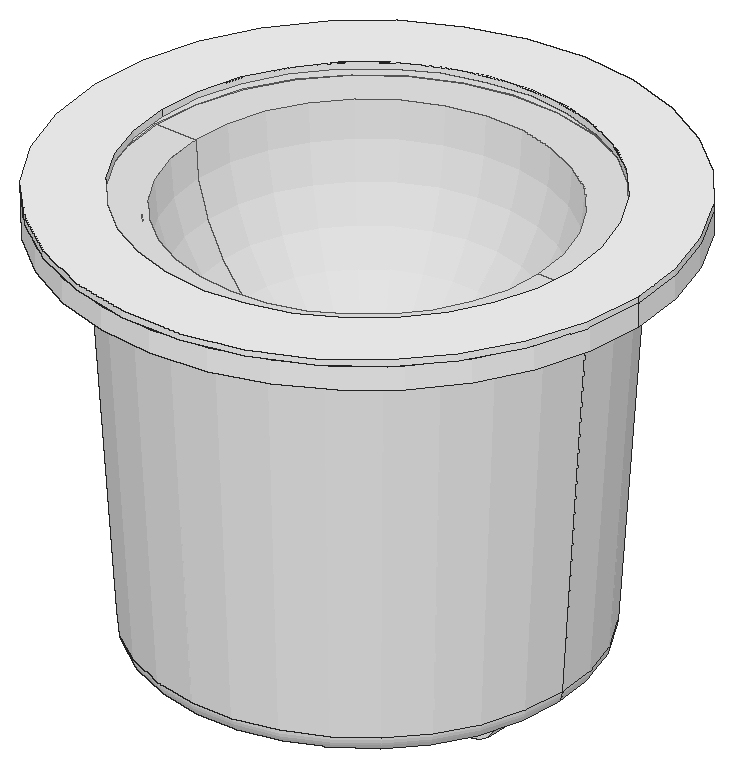
Revit family "2058955", category Lighting Fixtures, host Face, Revit 2018
Family settings
  Host = Face
  Round Connector Dimension = Use Diameter
  Part Type = Normal
  OmniClass Number = 23.80.70.11.17
  OmniClass Title = Specialized Lighting by Location or Use
  Cut with Voids When Loaded = No
  Light Source = Yes
  Shared = No
  Room Calculation Point = No
Parameters (values of type "2058955 MYRIAD DECO IP65 SP 2.7K DALI EM BK CBEZ")
  Weight = "n/a"
  Wattage = 15 W
  WarrantyStartDate [instance] = "n/a"
  WarrantyGuarantorParts = "n/a"
  WarrantyDurationUnit = "n/a"
  WarrantyDurationParts = ""
  WarrantyDescription = "http://www.sylvania-lighting.com"
  built-in parameter 1150110 = 1 (stored number, unit not read)
  Voltage = 230 V
  URL = "0"
  TypeName = "MYRIAD DECO IP65 SPOT 2700K DALI EM BLACK CBEZ"
  Type Image = 0
  Type Comments = ""
  built-in parameter 1114217 = 1 (stored number, unit not read)
  Tilt Angle = -90°
  built-in parameter 1150109 = 1 (stored number, unit not read)
  built-in parameter 1150134 = (empty or 0)
  built-in parameter 1150113 = 1 (stored number, unit not read)
  SerialNumber [instance] = "n/a"
  Reflector Radius = Cutout Diameter / 2 - 2.5 mm  # 35.0 mm
  Reflector Material = Aluminum_Sylvania_Myriad_Bright
  Recessed Depth = Height  # 72.0 mm
  PowerFactor = 0
  PowerConsumption = "Lighting"
  Photometric Web File = "2058955.ies"
  NominalWidth = 0.0 mm
  NominalLength = 76.0 mm
  NominalHeight = 72.0 mm
  Name = "MYRIAD DECO IP65 SPOT 2700K DALI EM BLACK CBEZ"
  ModelReference = "MYRIAD DECO IP65 SPOT 2700K DALI EM BLACK CBEZ"
  ModelNumber = "2058955"
  Material = "Feilo Sylvania"
  ManufacturerName = "103 lm/W"
  LuminousEfficacy = ""
  LuminaireType = "0"
  LightOutputRatio = "LED"
  LampsType = Lamp  # "n/a"
  LampNominalLuminous = "2700 K"
  LampMacAdamStep = "90"
  LampColourTemperature = "LED"
  LampColourRenderingIndex = "16500"
  Keynote = "n/a"
  Keynote_2 = "16500"
  InstallationDate [instance] = "n/a"
  InputVoltage = "0"
  InputNominalFrequency = "2700"
  IngressProtection = "IfcLightFixtureType"
  ImpactProtectionIndex = "IfcLightFixtureType"
  IfcExportType = "IfcLightFixtureType"
  IfcExportAs = "Class II"
  Height = 72.0 mm  # constant formula
  ExpectedLife = 50000
  Emit from Circle Diameter = Accessory Inner Diameter 2  # 68.0 mm
  Emit Shape Visible in Rendering = no
  ElectricShockClassification = "103"
  DurationUnit = "hours"
  DocumentationLiterature = "http://www.sylvania-lighting.com/product/en-int/products/2058955"
  DimmingControlOptions = "n/a"
  Diffuser Material = Glass_Sylvania_Myriad_Clear_4000K
  Diffuser Diameter = Cutout Diameter  # 75.0 mm
  Cutout Diameter = 75.0 mm  # constant formula
  CreatedOn = "03/02/2022"
  CreatedBy = "@sylvania-lighting.com"
  built-in parameter 1001205 = 0
  Cost = 0
  built-in parameter 1114216 [instance] = 1 (stored number, unit not read)
  Model = "MYRIAD DECO IP65 SPOT 2700K DALI EM BLACK CBEZ"
  Manufacturer = "Feilo Sylvania"  # constant formula
  built-in parameter 1150105 = 83.556 (stored number, unit not read)
  Lumens = 1050 lm
  built-in parameter 1150115 = 1 (stored number, unit not read)
  built-in parameter 1150137 = (empty or 0)
  built-in parameter 1150139 = (empty or 0)
  built-in parameter 1150112 = 1 (stored number, unit not read)
  built-in parameter 1150114 = 1 (stored number, unit not read)
  Lamp = "n/a"
  built-in parameter 1150132 = (empty or 0)
  built-in parameter 1150102 = (empty or 0)
  built-in parameter 1150107 = 2700 (stored number, unit not read)
  built-in parameter 1150138 = (empty or 0)
  built-in parameter 1150106 = 0.83556 (stored number, unit not read)
  built-in parameter 1150104 = 6.5032 (stored number, unit not read)
  Dimming Lamp Color Temperature Shift = <None>
  Description = "Supplied complete with electronic control gear Compact Fluorescent low energy downlight Emergency version passes through the cut out Ideal for low level orientation lighting New range of Architectural accessories each providing a different lit dimension New completely flush plaster up accessory ring for clean ceiling lines and smooth finish Order lamp separately"  # constant formula
  Default Elevation = 0.0 mm
  Color Filter = 16777215
  built-in parameter 1140040 [instance] = 1
  Body Radius = Reflector Radius + 1.5 mm  # 36.5 mm
  Body Material = Aluminum_Sylvania_Myriad_Gray
  BarCode [instance] = "n/a"
  built-in parameter 1114218 = 1 (stored number, unit not read)
  built-in parameter 1150133 = 10 (stored number, unit not read)
  AssetType = "Fixed"
  AssetIdentifier [instance] = "n/a"
  Assembly Code = "D5020200"
  Apparent Load = 12 VA
  Accessory Material = Aluminum_Sylvania_Myriad_White
  Accessory Inner Diameter 2 = Accessory Diameter - 22.0 mm  # 68.0 mm
  Accessory Inner Diameter 1 = Accessory Diameter - 2.0 mm  # 88.0 mm
  Accessory Diameter = Cutout Diameter + 15.0 mm  # 90.0 mm
Reference planes
  plane 1 "Center (Front/Back)": y = 0
  plane 2: z = 0
  plane 3 "Center (Left/Right)": x = 0
  plane 4: z = 2
  plane 5 "Fixture Bottom": z = 4.5
  plane 6: z = -28.5
  plane 7: z = -61.5
  plane 8 "Fixture Top": z = -67.5
  plane 9: z = 3.5
Forms (mm)
  Revolve 1, solid, material "Aluminum_Sylvania_Myriad_Bright" <- "Reflector Material", detail levels fine
    sketch origin (0, 0, 0) x (1, 0, 0) y (0, 0, 1)
      loop
        line (0, -27.515) -> (-6, -27.515)
        arc (-6, -27.515) -> (-22.333, -16.632) -> (-28.5, 2) r 30.135
        line (-28.5, 2) -> (-35, 2) -> (-35, 0) -> (-29.184, 0)
        arc (-29.184, 0) -> (-22.423, -18.18) -> (-6, -28.5) r 30.204
        line (-6, -28.5) -> (0, -28.5) -> (0, -27.515)
      axis (0, -28.5) -> (0, 2)
    angle from 0 to 360
  Revolve 2, solid, material "Aluminum_Sylvania_Myriad_Gray" <- "Body Material", detail levels fine
    sketch origin (0, 0, 0) x (1, 0, 0) y (0, 0, 1)
      loop
        line (-44, 2) -> (-44, 0) -> (-36.5, 0) -> (-32.42, -58.708)
        arc (-32.42, -58.708) -> (-31.474, -60.694) -> (-29.428, -61.5) r 3
        line (-29.428, -61.5) -> (0, -61.5) -> (0, -28.5) -> (-6, -28.5)
        arc (-6, -28.5) -> (-22.423, -18.18) -> (-29.184, 0) r 30.204
        line (-29.184, 0) -> (-35, 0) -> (-35, 2) -> (-44, 2)
      axis (0, 2) -> (0, -61.5)
    angle from 0 to 360
  Extrusion 3, solid, material "Aluminum_Sylvania_Myriad_Gray" <- "Body Material", detail levels fine
    sketch origin (0, 0, 0) x (1, 0, 0) y (0, 0, 1)
      loop
        line (-13.5, -67.5) -> (21, -67.5)
        arc (21, -67.5) -> (23.828, -66.328) -> (25, -63.5) r 4
        line (25, -63.5) -> (25, -61.5) -> (-17.5, -61.5) -> (-17.5, -63.5)
        arc (-17.5, -63.5) -> (-16.328, -66.328) -> (-13.5, -67.5) r 4
    from -4.5 to 4.5
  Extrusion 4, solid, material "Aluminum_Sylvania_Myriad_White" <- "Accessory Material", detail levels fine
    sketch origin (0, 0, 0) x (1, 0, 0) y (0, 1, 0)
      loop
        circle (0, 0) r 45
      loop
        circle (0, 0) r 44
    from 0 to 3.5
  Extrusion 5, solid, material "Aluminum_Sylvania_Myriad_White" <- "Accessory Material", detail levels fine
    sketch origin (0, 0, 0) x (1, 0, 0) y (0, 1, 0)
      loop
        circle (0, 0) r 45
      loop
        circle (0, 0) r 34
    from 3.5 to 4.5
  Extrusion 6, solid, material "Aluminum_Sylvania_Myriad_White" <- "Accessory Material", detail levels coarse+medium
    sketch origin (0, 0, 0) x (1, 0, 0) y (0, 1, 0)
      loop
        circle (0, 0) r 45
    from 0 to 4.5
  Revolve 7, solid, detail levels coarse+medium
    sketch origin (0, 0, 0) x (1, 0, 0) y (0, 0, 1)
      loop
        line (36.5, 0) -> (0, 0) -> (0, -61.5) -> (32.226, -61.5) -> (36.5, 0)
      axis (0, 0) -> (0, -61.5)
    angle from 0 to 360
  Extrusion 8, void
    sketch origin (0, 0, 0) x (1, 0, 0) y (0, 1, 0)
      loop
        circle (0, 0) r 37.5
    from -67.5 to 0
  Extrusion 9, solid, material "Glass_Sylvania_Myriad_Clear_4000K" <- "Diffuser Material", detail levels fine
    sketch origin (0, 0, 0) x (1, 0, 0) y (0, 1, 0)
      loop
        circle (0, 0) r 37.5
    from 2 to 3.5
Cuts and joins
  joined: Extrusion 4, Extrusion 5
Lines and regions (mm)
  Masking region 1
    outline origin (0, 0, 0) x (1, 0, 0) y (0, 1, 0)
      loop
        circle (0, 0) r 45
  symbolic lines
    curve 1: arc (-34, 0, 0) -> (0, 34, 0) -> (34, 0, 0) r 34
    curve 2: arc (34, 0, 0) -> (0, -34, 0) -> (-34, 0, 0) r 34
Dimensions and locks
  locked: plane 7 to plane 8 "Fixture Top" at 6
  "Body Radius": Revolve 7 sketch curve to plane 3 "Center (Left/Right)"
  locked: Revolve 7 sketch curve to Revolve 7 sketch curve at 4.274
  plane 5 "Fixture Bottom" to plane 9 to plane 4 to plane 2 to plane 6 = 1.0 mm locked, 1.5 mm locked, 2.0 mm locked, 28.5 mm locked
  "Reflector Radius": Revolve 1 sketch curve to plane 3 "Center (Left/Right)"
  Revolve 1 sketch curve to Revolve 1 sketch curve to Revolve 1 sketch curve to Revolve 1 sketch curve = 6.5 mm locked, 22.5 mm locked, 0.0 mm locked
  "Reflector Radius": plane 3 "Center (Left/Right)" to Revolve 2 sketch curve
  Revolve 2 sketch curve to Revolve 2 sketch curve to Revolve 2 sketch curve = 7.5 mm locked, 1.5 mm locked
  Revolve 2 sketch curve to Revolve 2 sketch curve to Revolve 2 sketch curve = 5.816 mm locked, 23.184 mm locked
  Revolve 2 sketch curve to Revolve 2 sketch curve to Revolve 2 sketch curve = 2.58 mm locked, 2.993 mm locked
  "Accessory Diameter": diameter of Extrusion 4 sketch curve
  "Accessory Inner Diameter 1": diameter of Extrusion 4 sketch curve
  "Accessory Diameter": diameter of Extrusion 5 sketch curve
  "Accessory Diameter": diameter of Extrusion 6 sketch curve
  "Cutout Diameter": diameter of Extrusion 8 sketch curve
  "Accessory Inner Diameter 2": diameter of Extrusion 5 sketch curve
  "Diffuser Diameter": diameter of Extrusion 9 sketch curve
  aligned and locked: plane 2 to host face
  aligned and locked: level to host face
  aligned and locked: plane 1 "Center (Front/Back)" to imposter light
  aligned and locked: plane 3 "Center (Left/Right)" to imposter light
  aligned and locked: Revolve 1 sketch curve to imposter light
  aligned and locked: Extrusion 3 sketch curve to plane 8 "Fixture Top"
  aligned and locked: plane 7 to Extrusion 3 sketch curve
  aligned and locked: Extrusion 4 to plane 2
  aligned and locked: plane 9 to Extrusion 4
  aligned and locked: Extrusion 5 to plane 9
  aligned and locked: plane 5 "Fixture Bottom" to Extrusion 5
  aligned and locked: Extrusion 6 to plane 2
  aligned and locked: plane 5 "Fixture Bottom" to Extrusion 6
  aligned and locked: Extrusion 8 to plane 8 "Fixture Top"
  aligned and locked: plane 2 to Extrusion 8
  aligned and locked: Masking region 1 sketch curve to Extrusion 6  (x2)
  aligned and locked: Extrusion 9 to plane 4
  aligned and locked: plane 9 to Extrusion 9
  aligned and locked: plane 4 to Revolve 2 sketch curve
  aligned and locked: Revolve 2 sketch curve to plane 2
  aligned and locked: curve 1 to cut or joined group of Extrusion 4, Extrusion 5
  aligned and locked: curve 2 to cut or joined group of Extrusion 4, Extrusion 5
  aligned and locked: imposter light to plane 5 "Fixture Bottom"
Automatic sketch dimensions
  host sketch curve to host sketch curve = 1305.563 mm
  host sketch curve to host sketch curve = 1283.632 mm
  Extrusion 3 sketch curve to plane 7 = 2.0 mm
  Extrusion 3 sketch curve to plane 3 "Center (Left/Right)" = 13.5 mm
  plane 3 "Center (Left/Right)" to Extrusion 3 sketch curve = 21.0 mm
  Extrusion 3 sketch curve to Extrusion 3 sketch curve = 4.0 mm
  Revolve 1 sketch curve to level = 0.0 mm
  Revolve 1 sketch curve to plane 3 "Center (Left/Right)" = 0.0 mm
  Revolve 1 sketch curve to plane 6 = 0.0 mm
  Revolve 1 sketch curve to plane 4 = 0.0 mm
  Revolve 1 sketch curve to Revolve 1 sketch curve = 0.684 mm
  level to Revolve 1 sketch curve = 0.88 mm
  Revolve 1 sketch curve to plane 4 = 0.363 mm
  Revolve 1 sketch curve to Revolve 1 sketch curve = 0.625 mm
  Revolve 1 sketch curve to plane 8 "Fixture Top" = 232.8 mm
  plane 5 "Fixture Bottom" to Revolve 1 sketch curve = 291.243 mm
  Revolve 2 sketch curve to plane 3 "Center (Left/Right)" = 0.0 mm  (x2)
  Revolve 2 sketch curve to plane 7 = 0.0 mm
  Revolve 2 sketch curve to plane 6 = 0.0 mm
  Revolve 2 sketch curve to level = 0.0 mm
  level to Revolve 2 sketch curve = 0.88 mm
  plane 7 to Revolve 2 sketch curve = 2.792 mm
  Revolve 2 sketch curve to plane 8 "Fixture Top" = 304.774 mm
  plane 5 "Fixture Bottom" to Revolve 2 sketch curve = 1137.105 mm
  Extrusion 4 sketch curve to Extrusion 4 sketch curve = 0.0 mm  (x2)
  plane 1 "Center (Front/Back)" to Extrusion 4 sketch curve = 0.0 mm
  Extrusion 4 sketch curve to plane 3 "Center (Left/Right)" = 0.0 mm
  Extrusion 5 sketch curve to Extrusion 5 sketch curve = 0.0 mm  (x2)
  plane 1 "Center (Front/Back)" to Extrusion 5 sketch curve = 0.0 mm
  Extrusion 5 sketch curve to plane 3 "Center (Left/Right)" = 0.0 mm
  plane 1 "Center (Front/Back)" to Extrusion 6 sketch curve = 0.0 mm
  Extrusion 6 sketch curve to plane 3 "Center (Left/Right)" = 0.0 mm
  Revolve 7 sketch curve to level = 0.0 mm
  Revolve 7 sketch curve to plane 3 "Center (Left/Right)" = 0.0 mm  (x2)
  Revolve 7 sketch curve to plane 7 = 0.0 mm
  Revolve 7 sketch curve to plane 8 "Fixture Top" = 304.774 mm
  plane 5 "Fixture Bottom" to Revolve 7 sketch curve = 43.226 mm
  plane 1 "Center (Front/Back)" to Extrusion 8 sketch curve = 0.0 mm
  Extrusion 8 sketch curve to plane 3 "Center (Left/Right)" = 0.0 mm
  plane 1 "Center (Front/Back)" to Extrusion 9 sketch curve = 0.0 mm
  Extrusion 9 sketch curve to plane 3 "Center (Left/Right)" = 0.0 mm
Connectors
  electrical at (-0.006, -0.019, -67.5), driven by "Apparent Load", driven by "Apparent Load"
    settings: on plane 8 "Fixture Top", index 1, voltage 230 V, apparent load 12 VA, apparent load phase1 12 VA, apparent load phase2 0 VA, apparent load phase3 0 VA, power factor 1, load classification "Lighting", number of poles 1, system type 30, power factor state 1, is connector primary yes, connector utility no, sub classification motor no, connector description ""
